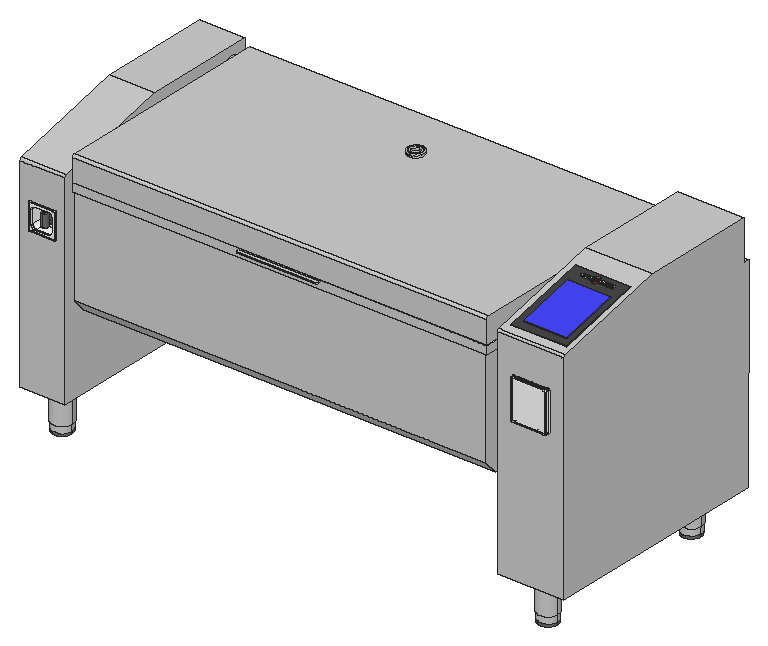
Revit family "QF_WELBILT-CONVOTHERM_FLEXX_PRO_201_260211052923", category Specialty Equipment, Revit 2021
Family settings
  Round Connector Dimension = Use Diameter
  Part Type = Normal
  OmniClass Number = 23.40.40.14
  OmniClass Title = Food Service Equipment
  Work Plane-Based = No
  Always vertical = Yes
  Cut with Voids When Loaded = No
  Shared = No
  Room Calculation Point = No
Parameters (values of type "JI-MKH-011")
  Weight [instance] = 490.00 kg
  Waste Water Discharge Temperature [instance] = 0 °C
  Waste Remarks [instance] = ""
  Warranty Start Date [instance] = ""
  Warranty Duration [instance] = ""
  Volts [instance] = 400 V
  Volt Free Conn [instance] = no
  URL Recommended Spares List [instance] = ""
  URL Manufacturer [instance] = ""
  URL Cutsheet [instance] = ""
  URL Critical Spares List [instance] = ""
  URL = "www.convotherm.com"
  Technical Documentation [instance] = ""
  Tag Number [instance] = ""
  Status [instance] = ""
  Start Up Current [instance] = 0 A
  Specification by User [instance] = ""
  Specification by Manufacturer [instance] = ""
  Sound Level [instance] = ""
  Show Logo [instance] = yes
  Show Clearances [instance] = yes
  Service Life Duration [instance] = ""
  Serial Number [instance] = ""
  Seismic Rating [instance] = ""
  SMACNA No [instance] = ""
  Revision Code [instance] = ""
  Revision [instance] = ""
  Production Year [instance] = ""
  Potential Equalisation [instance] = no
  Point Load [instance] = 0
  Plumbing Remarks [instance] = ""
  Plumbing Connection Type [instance] = ""
  Phase [instance] = 3
  Other Equipment Approvals [instance] = ""
  Operational Current [instance] = 0 A
  Odor Trap Included [instance] = no
  Number of Poles [instance] = 3
  No Load Power Draw [instance] = no
  National Water Regulation Certification [instance] = no
  NAFEM Spec ID Number [instance] = ""
  Model Warning [instance] = ""
  Model = "FLEXX PRO 201"
  Min Ckt Ampacity [instance] = 0 A
  Max Overcurrent Protection [instance] = 63 A
  Masterspec [instance] = ""
  Manufacturer = "WELBILT-CONVOTHERM"
  Main switch integrated [instance] = no
  Length Actual [instance] = 2009 mm
  Item Number [instance] = ""
  Installed By [instance] = ""
  Installation Date [instance] = ""
  Indirect Waste Size [instance] = 50.8 mm
  Indirect Waste Remarks [instance] = ""
  Indirect Waste Flow [instance] = 0.0 L/s
  Indirect Waste Connection Type [instance] = ""
  Indirect Waste Connection Height [instance] = 0 mm
  Identify Quantity as Lot [instance] = no
  ID [instance] = ""
  Hygiene Approval [instance] = ""
  Height Actual [instance] = 1050 mm
  HP power [instance] = ""
  Furnished By [instance] = ""
  Foodservice Equipment Identifier [instance] = no
  FL Amps [instance] = 60 A
  Electrical Remarks [instance] = "Plug not included"
  Electric power [instance] = 49200 W
  Electric Connection Type [instance] = "Cord&Plug"
  Elec Conn RI Height [instance] = 0 mm
  Elec Conn Connection Height [instance] = 0 mm
  ETL Approved [instance] = no
  Direct Waste Water Discharge Temperature [instance] = -273.15 °C
  Direct Waste Size [instance] = 50.8 mm
  Direct Waste RI Height [instance] = 0 mm
  Direct Waste Flow [instance] = 0.0 L/s
  Direct Waste Connection Height [instance] = 0 mm
  Description = "MULTIFUNCTION COOKING DEVICE 4XGN 1/1 200LT"
  Depth Actual [instance] = 850 mm
  Default Elevation = 0 mm
  Cycle [instance] = 50 Hz
  Cost = 0
  Connection to energy optimisation system [instance] = yes
  Conn Plug [instance] = ""
  Conn Conduit [instance] = no
  Cold Water Temperature Recommended [instance] = 0 °C
  Cold Water Size [instance] = 19.05 mm
  Cold Water Remarks [instance] = ""
  Cold Water RI Height [instance] = 0 mm
  Cold Water Quality [instance] = ""
  Cold Water Minimum Pressure [instance] = 200000.0 Pa
  Cold Water Maximum Pressure [instance] = 600000.0 Pa
  Cold Water Flow [instance] = 0.0 L/s
  Cold Water Connection Type [instance] = ""
  Cold Water Connection Height [instance] = 0 mm
  Centralized building control system with digital interface [instance] = ""
  CSI MasterFormat [instance] = ""
  CE Approved [instance] = no
  Barcode [instance] = 0
  Author [instance] = ""
  Asset Identifier [instance] = ""
  Apparent Power [instance] = 49200 VA
  Accessory [instance] = no
Reference planes
  plane 1 "Center (Front/Back)": y = 0
  plane 2: z = 0
  plane 3 "Center (Left/Right)": x = 0
Forms (mm)
  Extrusion 1, solid, not visible
    sketch origin (1909.093, -100.005, 252.012) x (1, 0, 0) y (0, 1, 0)
      loop
        line (-2, 2) -> (-2, -2) -> (2, -2) -> (2, 2) -> (-2, 2)
    from -2 to 2
  Extrusion 2, solid, not visible
    sketch origin (1202.059, -500.024, 460.022) x (1, 0, 0) y (0, 1, 0)
      loop
        line (-2, 2) -> (-2, -2) -> (2, -2) -> (2, 2) -> (-2, 2)
    from -2 to 2
  Extrusion 3, solid, not visible
    sketch origin (160.008, -100.005, 170.008) x (1, 0, 0) y (0, 1, 0)
      loop
        line (-2, 2) -> (-2, -2) -> (2, -2) -> (2, 2) -> (-2, 2)
    from -2 to 2
Dimensions and locks
  locked: nested 2 to Extrusion 1 at 2  (x2)
  locked: nested 3 to Extrusion 2 at 2  (x2)
  locked: nested 4 to Extrusion 3 at 2
  locked: nested 4 to Extrusion 3
  aligned and locked: level to plane 2
Nested families
  nested 1: "QF_WELBILT-CONVOTHERM_JI-MKH-011_2920" at (0, 0, 150), type "JI-MKH-011"
    with Weight 490.00 kg, Warranty Start Date "", Warranty Duration "", URL Cutsheet "", Technical Documentation "", Tag Number "", Status "", Specification by User "", Specification by Manufacturer "", Sound Level "", Solid Fuel Type "", Show Logo yes, Show Clearances yes, Service Life Duration "", Serial Number "", Seismic Rating "", SMACNA No "", Revision Code "", Revision "", Production Year "", Point Load 0, Other Equipment Approvals "", NAFEM Spec ID Number "", Model Warning "", Masterspec "", Length Actual 2009 mm, Item Number "", Installed By "", Installation Date "", Identify Quantity as Lot yes, ID "", Hygiene Approval "", Height Actual 1050 mm, Furnished By "", Foodservice Equipment Identifier yes, ETL Approved yes, Depth Actual 850 mm, CSI MasterFormat "", CE Approved yes, Barcode "", Asset Identifier "", Accessory no
  nested 2: "CONN_POINT_COLDWATER_2D___Generic_Annotation" at (1909.093, -100.005, 250.012), type "CONN_POINT_COLDWATER_2D___Generic_Annotation"
    with Onboard connection annotation symbol visibility yes
  nested 3: "CONN_POINT_DRAIN_2D___Generic_Annotation" at (1202.059, -500.024, 458.022), type "CONN_POINT_DRAIN_2D___Generic_Annotation"
    with Onboard connection annotation symbol visibility yes
  nested 4: "CONN_POINT_ELE_2D___Generic_Annotation" at (162.008, -100.005, 170.008), type "CONN_POINT_ELE_2D___Generic_Annotation"
    with Onboard connection annotation symbol visibility yes
  nested 5: "QF_WELBILT-CONVOTHERM_FLEXX-PRO-FEETS" at (0, 0, 0), type "K6257507"
    with Weight 0.00 kg, Warranty Start Date "", Warranty Duration "", URL Cutsheet "", Technical Documentation "", Tag Number "", Status "", Specification by User "", Specification by Manufacturer "", Sound Level "", Solid Fuel Type "", Show Logo yes, Show Clearances yes, Service Life Duration "", Serial Number "", Seismic Rating "", SMACNA No "", Revision Code "", Revision "", Production Year "", Point Load 0, Other Equipment Approvals "", NAFEM Spec ID Number "", Model Warning "", Masterspec "", Length Actual 2009 mm, Item Number "", Installed By "", Installation Date "", Identify Quantity as Lot yes, ID "", Hygiene Approval "", Height Actual 150 mm, Furnished By "", Foodservice Equipment Identifier yes, ETL Approved yes, Depth Actual 850 mm, CSI MasterFormat "", CE Approved yes, Barcode "", Asset Identifier "", Accessory yes
Connectors
  piping at (1909.093, -100.005, 250.012), diameter 19.05, driven by "Cold Water Size", driven by "Cold Water Flow"
    settings: on Extrusion 1, index 1, connector inside diameter 609.6 mm, connector length 0 mm, flow factor 0, pipe flow 0.0 L/s, pressure drop 0.0 Pa, fitting loss kfactor 0, connector angle 0.00°, fixture units 0, engagement length 0 mm, angle of deflection 0.00°, flow configuration 1, flow direction 1, fitting loss method 0, system type 20, joint type 0, gender type 0, connector reference index -1, connector utility 0, adjustable connector no, is connector primary yes, connector description "Cold Water connection for FLEXX PRO 201"
  piping at (1202.059, -500.024, 458.022), diameter 50.8, driven by "Indirect Waste Size", driven by "Direct Waste Flow"
    settings: on Extrusion 2, index 2, connector inside diameter 609.6 mm, connector length 0 mm, flow factor 0, pipe flow 0.0 L/s, pressure drop 0.0 Pa, fitting loss kfactor 0, connector angle 0.00°, fixture units 0, engagement length 0 mm, angle of deflection 0.00°, flow configuration 1, flow direction 2, fitting loss method 0, system type 16, joint type 0, gender type 0, connector reference index -1, connector utility 0, adjustable connector no, is connector primary no, connector description "Waste connection for FLEXX PRO 201"
  electrical at (162.008, -100.005, 170.008), driven by "Apparent Power", driven by "Number of Poles", driven by "Volts"
    settings: on Extrusion 3, index 3, voltage 400 V, apparent load 0 VA, apparent load phase1 49200 VA, apparent load phase2 0 VA, apparent load phase3 0 VA, power factor 1, load classification "Other", number of poles 3, system type 31, power factor state 1, is connector primary yes, connector utility no, sub classification motor no, connector description "Electrical connection for FLEXX PRO 201"
Definition of nested family "QF_WELBILT-CONVOTHERM_JI-MKH-011_2920"
  Parameters (values of type "JI-MKH-011")
    Weight [instance] = 0.00 kg
    Warranty Start Date [instance] = ""
    Warranty Duration [instance] = ""
    URL Cutsheet [instance] = ""
    URL = "www.convotherm.com"
    Technical Documentation [instance] = ""
    Tag Number [instance] = ""
    Status [instance] = ""
    Specification by User [instance] = ""
    Specification by Manufacturer [instance] = ""
    Sound Level [instance] = ""
    Solid Fuel Type [instance] = ""
    Show Logo [instance] = yes
    Show Clearances [instance] = yes
    Service Life Duration [instance] = ""
    Serial Number [instance] = ""
    Seismic Rating [instance] = ""
    SMACNA No [instance] = ""
    Revision Code [instance] = ""
    Revision [instance] = ""
    Production Year [instance] = ""
    Point Load [instance] = 0
    Other Equipment Approvals [instance] = ""
    NAFEM Spec ID Number [instance] = ""
    Model Warning [instance] = ""
    Model = "FLEXX PRO 201"
    Masterspec [instance] = ""
    Manufacturer = "WELBILT-CONVOTHERM"
    Length Actual [instance] = 0 mm
    Item Number [instance] = ""
    Installed By [instance] = ""
    Installation Date [instance] = ""
    Identify Quantity as Lot [instance] = yes
    ID [instance] = ""
    Hygiene Approval [instance] = ""
    Height Actual [instance] = 0 mm
    Furnished By [instance] = ""
    Foodservice Equipment Identifier [instance] = yes
    ETL Approved [instance] = yes
    Description = "MULTIFUNCTION COOKING DEVICE 4XGN 1/1 200LT"
    Depth Actual [instance] = 0 mm
    Default Elevation = 0 mm
    CSI MasterFormat [instance] = ""
    CE Approved [instance] = yes
    Barcode [instance] = ""
    Author = "SPECIFI"
    Asset Identifier [instance] = ""
    Assembly Code = "E1090320"
    Accessory [instance] = yes
  Reference planes
    plane 1 "Back": y = 0
    plane 2: z = 0
    plane 3 "Left": x = 0
    plane 4 "Right": x = 2009
    plane 5 "Front": y = -850
    plane 6 "Top": z = 900
  Forms (mm)
    Extrusion 1, solid
      sketch origin (0, 0, -150) x (0, 1, 0) y (0, 0, 1)
        loop
          line (0, 150) -> (0, 902) -> (-20, 902) -> (-20, 1000) -> (-435, 1000) -> (-842.983, 907.833)
          arc (-842.983, 907.833) -> (-848.03, 904.673) -> (-850, 899.054) r 9
          line (-850, 899.054) -> (-850, 150) -> (0, 150)
      from 0 to 166
    Extrusion 2, solid
      sketch origin (2009, 10, -150) x (0, -1, 0) y (0, 0, 1)
        loop
          line (10, 150) -> (860, 150) -> (860, 950.639)
          arc (860, 950.639) -> (858.03, 956.258) -> (852.983, 959.418) r 9
          line (852.983, 959.418) -> (452.017, 1050) -> (30, 1050) -> (30, 902) -> (10, 902) -> (10, 150)
      from 0 to 246
    Extrusion 3, solid
      sketch origin (0, 0, -150) x (0, 1, 0) y (0, 0, 1)
        loop
          line (-131.5, 458.3) -> (-131.5, 868.5) -> (-855.5, 868.5) -> (-855.5, 508.65) -> (-810.5, 458.3) -> (-131.5, 458.3)
      from 204 to 1725
    Extrusion 4, solid
      sketch origin (0, 0, -150) x (0, 1, 0) y (0, 0, 1)
        loop
          line (-859, 898.5) -> (-859, 868.5) -> (-128, 868.5) -> (-128, 898.5) -> (-859, 898.5)
      from 200 to 1729
    Extrusion 5, solid
      sketch origin (0, 0, -149) x (0, 1, 0) y (0, 0, 1)
        loop
          circle (-755, 536) r 30
      from 170 to 200
    Extrusion 6, solid
      sketch origin (0, 0, -149) x (0, 1, 0) y (0, 0, 1)
        loop
          circle (-755, 536) r 40
      from 166 to 170
    Extrusion 7, solid
      sketch origin (0, 0, -149) x (0, 1, 0) y (0, 0, 1)
        loop
          circle (-755, 536) r 40
      from 200 to 204
    Extrusion 8, solid
      sketch origin (1930, 0, -149) x (0, 1, 0) y (0, 0, -1)
        loop
          circle (-755, -536) r 30
      from 171 to 201
    Extrusion 9, solid
      sketch origin (1929, 0, -149) x (0, 1, 0) y (0, 0, -1)
        loop
          circle (-755, -536) r 40
      from 166 to 170
    Extrusion 10, solid
      sketch origin (0, -0.3, -150) x (0, 1, 0) y (0, 0, 1)
        loop
          line (-40.7, 914) -> (-40.7, 991) -> (-849.7, 991)
          arc (-849.7, 991) -> (-856.064, 988.364) -> (-858.7, 982) r 9
          line (-858.7, 982) -> (-858.7, 901) -> (-70.7, 901) -> (-40.7, 914)
      from 200 to 1729
    Extrusion 11, solid
      sketch origin (0, 0, -150) x (0, 1, 0) y (0, 0, 1)
        loop
          circle (-85, 946) r 25
      from 166 to 200
    Extrusion 12, solid
      sketch origin (1929, 0, -150) x (0, 1, 0) y (0, 0, -1)
        loop
          circle (-85, -946) r 25
      from 166 to 200
    Extrusion 13, solid
      sketch origin (358, 0, -150) x (1, 0, 0) y (0, 1, 0)
        loop
          arc (456.7, -869) -> (458.164, -872.536) -> (461.7, -874) r 5
          line (461.7, -874) -> (751.7, -874)
          arc (751.7, -874) -> (755.236, -872.536) -> (756.7, -869) r 5
          line (756.7, -869) -> (756.7, -859) -> (456.7, -859) -> (456.7, -869)
      from 892.5 to 895.5
    Extrusion 14, solid
      sketch origin (0, 0, -150) x (0, 1, 0) y (0, 0, 1)
        loop
          line (-232, 150) -> (0, 150) -> (0, 902) -> (-33, 902) -> (-46.715, 831.44) -> (-101, 792) -> (-101, 462) -> (-232, 423.097) -> (-232, 150)
      from 166 to 1763
    Sweep 15, solid
      path origin (716, -850, -150) x (-1, 0, 0) y (0, 0, 1)
        loop
          line (-1108.5, 825.639) -> (-1231.5, 825.639)
          arc (-1231.5, 825.639) -> (-1231.854, 825.492) -> (-1232, 825.139) r 0.5
          line (-1232, 825.139) -> (-1232, 684.139)
          arc (-1232, 684.139) -> (-1231.854, 683.785) -> (-1231.5, 683.639) r 0.5
          line (-1231.5, 683.639) -> (-1108.5, 683.639)
          arc (-1108.5, 683.639) -> (-1108.146, 683.785) -> (-1108, 684.139) r 0.5
          line (-1108, 684.139) -> (-1108, 825.139)
          arc (-1108, 825.139) -> (-1108.146, 825.492) -> (-1108.5, 825.639) r 0.5
      profile origin (1886, -850, 675.639) x (0, 0, -1) y (0, 1, 0)
        loop
          line (0, -13) -> (0, 0) -> (-6, 0)
          arc (-6, 0) -> (-3.879, -0.879) -> (-3, -3) r 3
          line (-3, -3) -> (-3, -10)
          arc (-3, -10) -> (-2.121, -12.121) -> (0, -13) r 3
    Extrusion 16, solid
      sketch origin (716, -850, -150) x (-1, 0, 0) y (0, 0, 1)
        loop
          arc (-1231.5, 825.639) -> (-1231.854, 825.492) -> (-1232, 825.139) r 0.5
          line (-1232, 825.139) -> (-1232, 684.139)
          arc (-1232, 684.139) -> (-1231.854, 683.785) -> (-1231.5, 683.639) r 0.5
          line (-1231.5, 683.639) -> (-1108.5, 683.639)
          arc (-1108.5, 683.639) -> (-1108.146, 683.785) -> (-1108, 684.139) r 0.5
          line (-1108, 684.139) -> (-1108, 825.139)
          arc (-1108, 825.139) -> (-1108.146, 825.492) -> (-1108.5, 825.639) r 0.5
          line (-1108.5, 825.639) -> (-1231.5, 825.639)
      from 0 to -13
    Revolve 17, solid
      sketch origin (964.5, 0, -150) x (0, 1, 0) y (0, 0, 1)
        loop
          line (-211.7, 991) -> (-199.2, 991) -> (-199.2, 998)
          arc (-199.2, 998) -> (-200.079, 1000.121) -> (-202.2, 1001) r 3
          line (-202.2, 1001) -> (-208.7, 1001)
          arc (-208.7, 1001) -> (-210.821, 1000.121) -> (-211.7, 998) r 3
          line (-211.7, 998) -> (-211.7, 991)
        axis (-229.2, 991) -> (-229.2, 1001)
      angle from 0 to 360
    Extrusion 18, solid, visible <- "Show Clearances", detail levels coarse
      sketch origin (0, 0, -150) x (0, 1, 0) y (0, 0, 1)
        loop
          line (-41, 991) -> (-41, 1707)
          arc (-41, 1707) -> (-587.269, 1505.824) -> (-859, 991) r 813
          line (-859, 991) -> (-41, 991)
      from 200 to 1729
    Sweep 19, solid
      path origin (0, -850, -150) x (-1, 0, 0) y (0, 0, 1)
        loop
          arc (-129.2, 776.554) -> (-129.554, 776.407) -> (-129.7, 776.054) r 0.5
          line (-129.7, 776.054) -> (-129.7, 684.054)
          arc (-129.7, 684.054) -> (-129.554, 683.7) -> (-129.2, 683.554) r 0.5
          line (-129.2, 683.554) -> (-37.2, 683.554)
          arc (-37.2, 683.554) -> (-36.846, 683.7) -> (-36.7, 684.054) r 0.5
          line (-36.7, 684.054) -> (-36.7, 776.054)
          arc (-36.7, 776.054) -> (-36.846, 776.407) -> (-37.2, 776.554) r 0.5
          line (-37.2, 776.554) -> (-129.2, 776.554)
      profile origin (83.2, -850, 626.554) x (0, 0, 1) y (0, 1, 0)
        loop
          line (0, 0) -> (0, -5)
          arc (0, -5) -> (2.121, -4.121) -> (3, -2) r 3
          line (3, -2) -> (3, 0) -> (0, 0)
    Extrusion 20, solid
      sketch origin (0, -850, -150) x (-1, 0, 0) y (0, 0, 1)
        loop
          arc (-107.7, 769.21) -> (-118.064, 764.918) -> (-122.357, 754.554) r 14.657
          line (-122.357, 754.554) -> (-122.357, 705.554)
          arc (-122.357, 705.554) -> (-118.064, 695.19) -> (-107.7, 690.897) r 14.657
          line (-107.7, 690.897) -> (-58.7, 690.897)
          arc (-58.7, 690.897) -> (-48.336, 695.19) -> (-44.043, 705.554) r 14.657
          line (-44.043, 705.554) -> (-44.043, 754.554)
          arc (-44.043, 754.554) -> (-48.336, 764.918) -> (-58.7, 769.21) r 14.657
          line (-58.7, 769.21) -> (-107.7, 769.21)
        loop
          line (-37.2, 776.554) -> (-129.2, 776.554)
          arc (-129.2, 776.554) -> (-129.554, 776.407) -> (-129.7, 776.054) r 0.5
          line (-129.7, 776.054) -> (-129.7, 684.054)
          arc (-129.7, 684.054) -> (-129.554, 683.7) -> (-129.2, 683.554) r 0.5
          line (-129.2, 683.554) -> (-37.2, 683.554)
          arc (-37.2, 683.554) -> (-36.846, 683.7) -> (-36.7, 684.054) r 0.5
          line (-36.7, 684.054) -> (-36.7, 776.054)
          arc (-36.7, 776.054) -> (-36.846, 776.407) -> (-37.2, 776.554) r 0.5
      from 0 to -5
    Extrusion 21, solid
      sketch origin (0, -850, -150) x (-1, 0, 0) y (0, 0, 1)
        loop
          line (-58.7, 772.185) -> (-107.7, 772.185)
          arc (-107.7, 772.185) -> (-120.167, 767.021) -> (-125.331, 754.554) r 17.631
          line (-125.331, 754.554) -> (-125.331, 705.554)
          arc (-125.331, 705.554) -> (-120.167, 693.087) -> (-107.7, 687.923) r 17.631
          line (-107.7, 687.923) -> (-58.7, 687.923)
          arc (-58.7, 687.923) -> (-46.233, 693.087) -> (-41.069, 705.554) r 17.631
          line (-41.069, 705.554) -> (-41.069, 754.554)
          arc (-41.069, 754.554) -> (-46.233, 767.021) -> (-58.7, 772.185) r 17.631
        loop
          arc (-107.7, 769.21) -> (-118.064, 764.918) -> (-122.357, 754.554) r 14.657
          line (-122.357, 754.554) -> (-122.357, 705.554)
          arc (-122.357, 705.554) -> (-118.064, 695.19) -> (-107.7, 690.897) r 14.657
          line (-107.7, 690.897) -> (-58.7, 690.897)
          arc (-58.7, 690.897) -> (-48.336, 695.19) -> (-44.043, 705.554) r 14.657
          line (-44.043, 705.554) -> (-44.043, 754.554)
          arc (-44.043, 754.554) -> (-48.336, 764.918) -> (-58.7, 769.21) r 14.657
          line (-58.7, 769.21) -> (-107.7, 769.21)
      from 0 to 43
    Extrusion 22, void
      sketch origin (0, -850, -150) x (-1, 0, 0) y (0, 0, 1)
        loop
          line (-58.7, 772.185) -> (-107.7, 772.185)
          arc (-107.7, 772.185) -> (-120.167, 767.021) -> (-125.331, 754.554) r 17.631
          line (-125.331, 754.554) -> (-125.331, 705.554)
          arc (-125.331, 705.554) -> (-120.167, 693.087) -> (-107.7, 687.923) r 17.631
          line (-107.7, 687.923) -> (-58.7, 687.923)
          arc (-58.7, 687.923) -> (-46.233, 693.087) -> (-41.069, 705.554) r 17.631
          line (-41.069, 705.554) -> (-41.069, 754.554)
          arc (-41.069, 754.554) -> (-46.233, 767.021) -> (-58.7, 772.185) r 17.631
      from -5 to 43
    Extrusion 23, solid
      sketch origin (0, -850, -150) x (-1, 0, 0) y (0, 0, 1)
        loop
          arc (-107.7, 769.21) -> (-118.064, 764.918) -> (-122.357, 754.554) r 14.657
          line (-122.357, 754.554) -> (-122.357, 705.554)
          arc (-122.357, 705.554) -> (-118.064, 695.19) -> (-107.7, 690.897) r 14.657
          line (-107.7, 690.897) -> (-58.7, 690.897)
          arc (-58.7, 690.897) -> (-48.336, 695.19) -> (-44.043, 705.554) r 14.657
          line (-44.043, 705.554) -> (-44.043, 754.554)
          arc (-44.043, 754.554) -> (-48.336, 764.918) -> (-58.7, 769.21) r 14.657
          line (-58.7, 769.21) -> (-107.7, 769.21)
      from 40 to 43
    Revolve 24, solid
      sketch origin (83.2, 0, -150) x (0, 1, 0) y (0, 0, 1)
        loop
          line (-840, 753.054) -> (-847.5, 753.054) -> (-847.5, 750.054) -> (-851, 750.054) -> (-851, 708.054) -> (-848, 705.054) -> (-840, 705.054) -> (-840, 753.054)
        axis (-840, 753.054) -> (-840, 705.054)
      angle from 0 to 360
    Revolve 25, solid
      sketch origin (83.2, 0, -150) x (0, 1, 0) y (0, 0, 1)
        loop
          line (-810, 730.054) -> (-810, 757.554) -> (-812, 757.554) -> (-820.172, 754.085)
          arc (-820.172, 754.085) -> (-821.502, 752.979) -> (-822, 751.323) r 3
          line (-822, 751.323) -> (-822, 741.054) -> (-840, 741.054) -> (-840, 730.054) -> (-810, 730.054)
        axis (-810, 730.054) -> (-840, 730.054)
      angle from 0 to 360
    Extrusion 26, solid
      sketch origin (716, 1914.493, 1343.992) x (0, 0.975419, 0.220357) y (-1, 0, 0)
        loop
          line (-2472.158, -1067.5) -> (-2776.158, -1067.5) -> (-2776.158, -1272.5) -> (-2472.158, -1272.5) -> (-2472.158, -1067.5)
      from 85 to 87
    Extrusion 27, solid
      sketch origin (716, 1914.493, 1343.992) x (0, 0.975419, 0.220357) y (-1, 0, 0)
        loop
          line (-2537.158, -1090.5) -> (-2748.158, -1090.5) -> (-2748.158, -1249.5) -> (-2537.158, -1249.5) -> (-2537.158, -1090.5)
      from 85 to 88
    Extrusion 28, solid
      sketch origin (1929, 0, -149) x (0, 1, 0) y (0, 0, -1)
        loop
          circle (-755, -536) r 40
      from 200 to 204
    Extrusion 29, solid, visible <- "Show Clearances", detail levels coarse
      sketch origin (0, -218.5, 1142) x (0, 0, 1) y (0, -1, 0)
        loop
          line (-131.5, 458.3) -> (-131.5, 868.5) -> (-855.5, 868.5) -> (-855.5, 508.65) -> (-810.5, 458.3) -> (-131.5, 458.3)
      from 204 to 1725
    Extrusion 30, solid, visible <- "Show Clearances", detail levels coarse
      sketch origin (0, -218.5, 1142) x (0, 0, 1) y (0, -1, 0)
        loop
          line (-859, 898.5) -> (-859, 868.5) -> (-128, 868.5) -> (-128, 898.5) -> (-859, 898.5)
      from 200 to 1729
    Extrusion 31, solid, visible <- "Show Logo"
      sketch origin (1393.704, -854.573, 193.005) x (1, 0, 0) y (0, 0.975419, 0.220357)
        loop
          line (493.556, 462.654) -> (493.556, 469.472)
          arc (493.556, 469.472) -> (472.307, 455.836) -> (493.556, 442.199) r 15
          line (493.556, 442.199) -> (493.556, 449.017)
          arc (493.556, 449.017) -> (480.852, 455.836) -> (493.556, 462.654) r 8.182
      from 598 to 600
    Extrusion 32, solid, visible <- "Show Logo"
      sketch origin (1346.83, -854.463, 192.517) x (1, 0, 0) y (0, 0.975419, 0.220357)
        loop
          line (486.789, 458.563) -> (486.789, 461.29)
          arc (486.789, 461.29) -> (478.289, 455.836) -> (486.789, 450.381) r 6
          line (486.789, 450.381) -> (486.789, 453.108)
          arc (486.789, 453.108) -> (481.707, 455.836) -> (486.789, 458.563) r 3.273
        loop
          circle (495.124, 455.836) r 6
        loop
          circle (495.124, 455.836) r 3.266
        loop
          line (503.766, 449.836) -> (506.45, 449.836) -> (506.45, 457.877) -> (510.841, 449.836) -> (515.031, 449.836) -> (515.031, 461.836) -> (512.331, 461.836) -> (512.331, 452.741) -> (507.365, 461.836) -> (503.766, 461.836) -> (503.766, 449.836)
        loop
          line (516.563, 461.836) -> (520.462, 449.836) -> (524.172, 449.836) -> (528.071, 461.836) -> (524.719, 461.836) -> (522.317, 453.459) -> (519.915, 461.836) -> (516.563, 461.836)
        loop
          circle (535.182, 455.836) r 6
        loop
          circle (535.182, 455.836) r 3.266
        loop
          line (575.346, 461.836) -> (575.346, 449.836) -> (578.16, 449.836) -> (578.16, 454.169) -> (579.27, 454.169) -> (581.772, 449.836) -> (585.216, 449.836) -> (581.898, 454.755)
          arc (581.898, 454.755) -> (582.887, 455.385) -> (583.517, 456.374) r 2.709
          arc (583.517, 456.374) -> (583.803, 457.995) -> (583.517, 459.615) r 4.738
          arc (583.517, 459.615) -> (582.282, 461.225) -> (580.346, 461.836) r 3.374
          line (580.346, 461.836) -> (575.346, 461.836)
        loop
          line (578.16, 456.542) -> (579.584, 456.542)
          arc (579.584, 456.542) -> (581.041, 457.999) -> (579.584, 459.457) r 1.457
          line (579.584, 459.457) -> (578.16, 459.457) -> (578.16, 456.542)
        loop
          line (542.187, 461.836) -> (542.187, 459.168) -> (545.068, 459.168) -> (545.068, 449.836) -> (548.304, 449.836) -> (548.304, 459.168) -> (551.185, 459.168) -> (551.185, 461.836) -> (542.187, 461.836)
        loop
          line (553.224, 461.836) -> (553.224, 449.836) -> (556.106, 449.836) -> (556.106, 454.836) -> (559.986, 454.836) -> (559.986, 449.836) -> (562.867, 449.836) -> (562.867, 461.836) -> (559.986, 461.836) -> (559.986, 457.148) -> (556.106, 457.148) -> (556.106, 461.836) -> (553.224, 461.836)
        loop
          line (565.879, 461.836) -> (565.879, 449.836) -> (572.903, 449.836) -> (572.903, 452.163) -> (568.881, 452.163) -> (568.881, 454.612) -> (572.641, 454.612) -> (572.641, 457.059) -> (568.881, 457.059) -> (568.881, 459.508) -> (572.903, 459.508) -> (572.903, 461.836) -> (565.879, 461.836)
        loop
          line (586.65, 461.836) -> (586.65, 449.836) -> (589.336, 449.836) -> (589.336, 458.187) -> (591.769, 449.836) -> (594.811, 449.836) -> (597.244, 458.187) -> (597.244, 449.836) -> (599.93, 449.836) -> (599.93, 461.836) -> (595.875, 461.836) -> (593.29, 452.962) -> (590.705, 461.836) -> (586.65, 461.836)
      from 599 to 601
  Cuts and joins
    Extrusion 22 cuts Extrusion 1
    joined: Extrusion 1, Extrusion 2, Extrusion 14
  Lines and regions (mm)
    symbolic lines
      curve 1: line (0, 0, 0) -> (0, -850, 0)
      curve 2: line (0, -850, 0) -> (166, -850, 0)
      curve 3: line (166, -850, 0) -> (166, 0, 0)
      curve 4: line (200, -41, 0) -> (1729, -41, 0)
      curve 5: line (200, -859, 0) -> (200, -41, 0)
      curve 6: line (1729, -859, 0) -> (200, -859, 0)
      curve 7: line (1729, -41, 0) -> (1729, -859, 0)
      curve 8: line (1763, -850, 0) -> (1763, 0, 0)
      curve 9: line (2009, -850, 0) -> (2009, 0, 0)
      curve 10: line (0, 0, 0) -> (2009, 0, 0)
      curve 11: line (166, -33, 0) -> (1763, -33, 0)
      curve 12: line (1114.7, -869, 0) -> (1114.7, -859, 0)
      curve 13: arc (1109.7, -874, 0) -> (1113.236, -872.536, 0) -> (1114.7, -869, 0) r 5
      curve 14: line (819.7, -874, 0) -> (1109.7, -874, 0)
      curve 15: arc (814.7, -869, 0) -> (816.164, -872.536, 0) -> (819.7, -874, 0) r 5
      curve 16: line (814.7, -859, 0) -> (814.7, -869, 0)
      curve 17: line (166, -715, 0) -> (170, -715, 0)
      curve 18: line (170, -715, 0) -> (170, -795, 0)
      curve 19: line (170, -795, 0) -> (166, -795, 0)
      curve 20: line (170, -725, 0) -> (200, -725, 0)
      curve 21: line (170, -785, 0) -> (200, -785, 0)
      curve 22: line (166, -110, 0) -> (200, -110, 0)
      curve 23: line (166, -60, 0) -> (200, -60, 0)
      curve 24: line (1763, -715, 0) -> (1759, -715, 0)
      curve 25: line (1759, -715, 0) -> (1759, -795, 0)
      curve 26: line (1759, -795, 0) -> (1763, -795, 0)
      curve 27: line (1759, -725, 0) -> (1729, -725, 0)
      curve 28: line (1759, -785, 0) -> (1729, -785, 0)
      curve 29: line (1763, -110, 0) -> (1729, -110, 0)
      curve 30: line (1763, -60, 0) -> (1729, -60, 0)
      curve 31: line (1763, -850, 0) -> (2009, -850, 0)
      curve 32: line (0, -435, 0) -> (166, -435, 0)
      curve 33: line (1763, -442.017, 0) -> (2009, -442.017, 0)
      curve 34: line (1763, -20, 0) -> (2009, -20, 0)
      curve 35: line (0, -20, 0) -> (166, -20, 0)
      curve 36: line (1783.5, -515.628, 0) -> (1988.5, -515.628, 0)
      curve 37: line (1783.5, -812.596, 0) -> (1783.5, -515.628, 0)
      curve 38: line (1988.5, -812.596, 0) -> (1783.5, -812.596, 0)
      curve 39: line (1988.5, -515.628, 0) -> (1988.5, -812.596, 0)
      curve 40: line (1806.5, -579.691, 0) -> (1965.5, -579.691, 0)
      curve 41: line (1806.5, -785.505, 0) -> (1806.5, -579.691, 0)
      curve 42: line (1965.5, -785.505, 0) -> (1806.5, -785.505, 0)
      curve 43: line (1965.5, -579.691, 0) -> (1965.5, -785.505, 0)
      curve 44: line (36.7, -855, 0) -> (129.7, -855, 0)
      curve 45: line (132.7, -850, 0) -> (132.7, -852, 0)
      curve 46: line (33.7, -850, 0) -> (33.7, -852, 0)
      curve 47: arc (33.7, -852, 0) -> (34.579, -854.121, 0) -> (36.7, -855, 0) r 3
      curve 48: arc (129.7, -855, 0) -> (131.821, -854.121, 0) -> (132.7, -852, 0) r 3
      curve 49: line (1824, -863, 0) -> (1948, -863, 0)
      curve 50: line (1821, -850, 0) -> (1821, -860, 0)
      curve 51: arc (1821, -860, 0) -> (1821.879, -862.121, 0) -> (1824, -863, 0) r 3
      curve 52: line (1951, -850, 0) -> (1951, -860, 0)
      curve 53: arc (1951, -860, 0) -> (1950.121, -862.121, 0) -> (1948, -863, 0) r 3
      curve 54: circle (964.5, -229.2, 0) r 17.5 normal (0, 0, 1)
      curve 55: circle (964.5, -229.2, 0) r 30 normal (0, 0, 1)
    symbolic lines, visible <- "Show Clearances"
      curve 56: line (200, -859, 0) -> (200, -1117, 0)
      curve 57: line (200, -1117, 0) -> (1729, -1117, 0)
      curve 58: line (1729, -1117, 0) -> (1729, -859, 0)
  Dimensions and locks
    plane 3 "Left" to plane 4 "Right" = 2009 mm
    plane 5 "Front" to plane 1 "Back" = 850 mm
    aligned and locked: level to plane 2
Definition of nested family "QF_WELBILT-CONVOTHERM_FLEXX-PRO-FEETS"
  Parameters (values of type "K6257507")
    Weight [instance] = 0.00 kg
    Warranty Start Date [instance] = ""
    Warranty Duration [instance] = ""
    URL Cutsheet [instance] = ""
    URL = "www.convotherm.com"
    Technical Documentation [instance] = ""
    Tag Number [instance] = ""
    Status [instance] = ""
    Specification by User [instance] = ""
    Specification by Manufacturer [instance] = ""
    Sound Level [instance] = ""
    Solid Fuel Type [instance] = ""
    Show Logo [instance] = yes
    Show Clearances [instance] = yes
    Service Life Duration [instance] = ""
    Serial Number [instance] = ""
    Seismic Rating [instance] = ""
    SMACNA No [instance] = ""
    Right offset = 127.5 mm
    Revision Code [instance] = ""
    Revision [instance] = ""
    Rear offset = 102.5 mm
    Production Year [instance] = ""
    Point Load [instance] = 0
    Other Equipment Approvals [instance] = ""
    NAFEM Spec ID Number [instance] = ""
    Model Warning [instance] = ""
    Model = "K6257507"
    Masterspec [instance] = ""
    Manufacturer = "WELBILT-CONVOTHERM"
    Length Actual [instance] = 2009 mm
    Left offset = 87.5 mm
    Item Number [instance] = ""
    Installed By [instance] = ""
    Installation Date [instance] = ""
    Identify Quantity as Lot [instance] = yes
    ID [instance] = ""
    Hygiene Approval [instance] = ""
    Height Actual [instance] = 150 mm
    Furnished By [instance] = ""
    Front offset = 84.5 mm
    Foodservice Equipment Identifier [instance] = yes
    ETL Approved [instance] = yes
    Description = "4 FEETS H=150 MM"
    Depth Actual [instance] = 850 mm
    Default Elevation = 0 mm
    CSI MasterFormat [instance] = ""
    CE Approved [instance] = yes
    Barcode [instance] = ""
    Author = "SPECIFI"
    Asset Identifier [instance] = ""
    Assembly Code = "E1090320"
    Accessory [instance] = yes
  Types (5, lengths in mm): name | Model | Length Actual
    K6257504 | "K6257504" | 1651
    K6257501 | "K6257501" | 1293
    K6257503 | "K6257503" | 1580
    K6257506 | "K6257506" | 1756
    K6257507 | "K6257507" | 2009
  Reference planes
    plane 1 "Back": y = 0
    plane 2: z = 0
    plane 3 "Left": x = 0
    plane 4 "Right": x = 2009
    plane 5 "Front": y = -850
    plane 6 "Top": z = 150
    plane 7 "Left offset": x = 87.5
    plane 8 "Right offset": x = 1881.5
    plane 9 "Rear offset": y = -102.5
    plane 10 "Front offset": y = -765.5
  Dimensions and locks
    "Length Actual": plane 3 "Left" to plane 4 "Right"
    "Depth Actual": plane 5 "Front" to plane 1 "Back"
    "Left offset": plane 3 "Left" to plane 7 "Left offset"
    "Right offset": plane 8 "Right offset" to plane 4 "Right"
    "Rear offset": plane 9 "Rear offset" to plane 1 "Back"
    "Front offset": plane 10 "Front offset" to plane 5 "Front"
    "Height Actual": plane 6 "Top" to level
    plane 7 "Left offset" to plane 8 "Right offset" = 1794 mm
    aligned and locked: level to plane 2
    aligned and locked: nested 2 to plane 8 "Right offset"
    aligned and locked: nested 3 to plane 8 "Right offset"
    aligned and locked: nested 4 to plane 7 "Left offset"
    aligned and locked: nested 4 to plane 10 "Front offset"
    aligned and locked: nested 3 to plane 10 "Front offset"
    aligned and locked: nested 1 to plane 7 "Left offset"
    aligned and locked: nested 1 to plane 9 "Rear offset"
    aligned and locked: nested 2 to plane 9 "Rear offset"
  Nested families
    nested 1: "QF_WELBILT-CONVOTHERM_LEG" at (87.5, -102.5, 0), type "LEG"
    nested 2: "QF_WELBILT-CONVOTHERM_LEG" at (1881.5, -102.5, 0), type "LEG"
    nested 3: "QF_WELBILT-CONVOTHERM_LEG" at (1881.5, -765.5, 0), type "LEG"
    nested 4: "QF_WELBILT-CONVOTHERM_LEG" at (87.5, -765.5, 0), type "LEG"
  Definition of nested family "QF_WELBILT-CONVOTHERM_LEG"
    Parameters (values of type "LEG")
      Height = 150 mm
      Default Elevation = 0 mm
    Reference planes
      plane 1 "Center (Front/Back)": y = 0
      plane 2: z = 0
      plane 3 "Center (Left/Right)": x = 0
      plane 4 "Top": z = 150
    Forms (mm)
      Extrusion 1, solid
        sketch origin (0, 0, 150) x (0, 1, 0) y (-1, 0, 0)
          loop
            arc (52.5, 47.5) -> (51.036, 51.036) -> (47.5, 52.5) r 5
            line (47.5, 52.5) -> (-47.5, 52.5)
            arc (-47.5, 52.5) -> (-51.036, 51.036) -> (-52.5, 47.5) r 5
            line (-52.5, 47.5) -> (-52.5, -47.5)
            arc (-52.5, -47.5) -> (-51.036, -51.036) -> (-47.5, -52.5) r 5
            line (-47.5, -52.5) -> (47.5, -52.5)
            arc (47.5, -52.5) -> (51.036, -51.036) -> (52.5, -47.5) r 5
            line (52.5, -47.5) -> (52.5, 47.5)
        from 0 to -3
      Extrusion 2, solid
        sketch origin (-199.986, 580, 0) x (1, 0, 0) y (0, 1, 0)
          loop
            circle (199.986, -580) r 35
        from 9 to 35
      Extrusion 3, solid
        sketch origin (-199.986, 580, 0) x (1, 0, 0) y (0, 1, 0)
          loop
            circle (199.986, -580) r 35
        from 0 to 9
      Sweep 4, solid
        path origin (0, 0, 0) x (0, 1, 0) y (0, 0, 1)
          loop
            line (0, 147) -> (0, 35)
        profile origin (0, 0, 91) x (1, 0, 0) y (0, 1, 0)
          loop
            circle (0, 0) r 38
    Dimensions and locks
      "Height": plane 4 "Top" to plane 2
      aligned and locked: level to plane 2
    Automatic sketch dimensions
      plane 1 "Center (Front/Back)" to Extrusion 2 sketch curve = 0 mm
      Extrusion 2 sketch curve to plane 3 "Center (Left/Right)" = 0 mm
      plane 1 "Center (Front/Back)" to Extrusion 3 sketch curve = 0 mm
      Extrusion 3 sketch curve to plane 3 "Center (Left/Right)" = 0 mm
      Sweep 4 sketch curve to plane 1 "Center (Front/Back)" = 0 mm
      level to Sweep 4 sketch curve = 35 mm
      Sweep 4 sketch curve to plane 4 "Top" = 3 mm
      Sweep 4 sketch curve to plane 3 "Center (Left/Right)" = 0 mm
      profile plane to Sweep 4 sketch curve = 0 mm
      plane 1 "Center (Front/Back)" to Extrusion 1 sketch curve = 52.5 mm
      Extrusion 1 sketch curve to Extrusion 1 sketch curve = 5 mm  (x3)
      Extrusion 1 sketch curve to plane 1 "Center (Front/Back)" = 47.5 mm  (x2)
      plane 3 "Center (Left/Right)" to Extrusion 1 sketch curve = 52.5 mm
      Extrusion 1 sketch curve to plane 3 "Center (Left/Right)" = 47.5 mm
      radius of Extrusion 2 sketch curve = 35 mm
      radius of Extrusion 3 sketch curve = 35 mm
      radius of Sweep 4 sketch curve = 38 mm
Definition of nested family "CONN_POINT_COLDWATER_2D___Generic_Annotation"
  Parameters (values of type "CONN_POINT_COLDWATER_2D___Generic_Annotation")
    Onboard connection annotation symbol visibility [instance] = yes
  Reference planes
    plane 1: y = 0
    plane 2: x = 0
  Lines and regions (mm)
    detail lines, visible <- "Onboard connection annotation symbol visibility"
      curve 1: circle (0, 0, 0) r 0.5 normal (0, 0, 1)
      curve 2: line (-1, 0, 0) -> (1, 0, 0)
      curve 3: line (0, 1, 0) -> (0, -1, 0)
      curve 4: line (3.241, 1, 0) -> (3.717, -1, 0)
      curve 5: line (3.717, -1, 0) -> (4.193, 1, 0)
      curve 6: line (4.193, 1, 0) -> (4.669, -1, 0)
      curve 7: line (4.669, -1, 0) -> (5.145, 1, 0)
      curve 8: arc (2.67, 0.524, 0) -> (2.004, 1, 0) -> (1.337, 0.524, 0) r 0.704
      curve 9: arc (1.337, -0.524, 0) -> (2.004, -1, 0) -> (2.67, -0.524, 0) r 0.704
      curve 10: arc (1.337, 0.524, 0) -> (1.25, 0, 0) -> (1.337, -0.524, 0) r 1.616
Definition of nested family "CONN_POINT_DRAIN_2D___Generic_Annotation"
  Parameters (values of type "CONN_POINT_DRAIN_2D___Generic_Annotation")
    Onboard connection annotation symbol visibility [instance] = yes
  Reference planes
    plane 1: y = 0
    plane 2: x = 0
  Lines and regions (mm)
    detail lines, visible <- "Onboard connection annotation symbol visibility"
      curve 1: circle (0, 0, 0) r 0.5 normal (0, 0, 1)
      curve 2: line (-1, 0, 0) -> (1, 0, 0)
      curve 3: line (0, 1, 0) -> (0, -1, 0)
      curve 4: line (1.776, 1, 0) -> (1.25, 1, 0)
      curve 5: line (1.25, 1, 0) -> (1.25, -1, 0)
      curve 6: line (1.25, -1, 0) -> (1.776, -1, 0)
      curve 7: arc (2.206, -0.862, 0) -> (2.459, -0.589, 0) -> (2.583, -0.238, 0) r 0.918
      curve 8: arc (2.583, 0.238, 0) -> (2.459, 0.589, 0) -> (2.206, 0.862, 0) r 0.918
      curve 9: arc (2.583, -0.238, 0) -> (2.599, 0, 0) -> (2.583, 0.238, 0) r 1.77
      curve 10: arc (2.206, 0.862, 0) -> (2.002, 0.965, 0) -> (1.776, 1, 0) r 0.741
      curve 11: arc (1.776, -1, 0) -> (2.002, -0.965, 0) -> (2.206, -0.862, 0) r 0.741
Definition of nested family "CONN_POINT_ELE_2D___Generic_Annotation"
  Parameters (values of type "CONN_POINT_ELE_2D___Generic_Annotation")
    Onboard connection annotation symbol visibility [instance] = yes
  Reference planes
    plane 1: y = 0
    plane 2: x = 0
  Lines and regions (mm)
    detail lines, visible <- "Onboard connection annotation symbol visibility"
      curve 1: circle (0, 0, 0) r 0.5 normal (0, 0, 1)
      curve 2: line (-1, 0, 0) -> (1, 0, 0)
      curve 3: line (0, 1, 0) -> (0, -1, 0)
      curve 4: line (2.5, 1, 0) -> (1.25, 1, 0)
      curve 5: line (1.25, 1, 0) -> (1.25, -1, 0)
      curve 6: line (1.25, -1, 0) -> (2.5, -1, 0)
      curve 7: line (1.25, 0, 0) -> (2, 0, 0)
